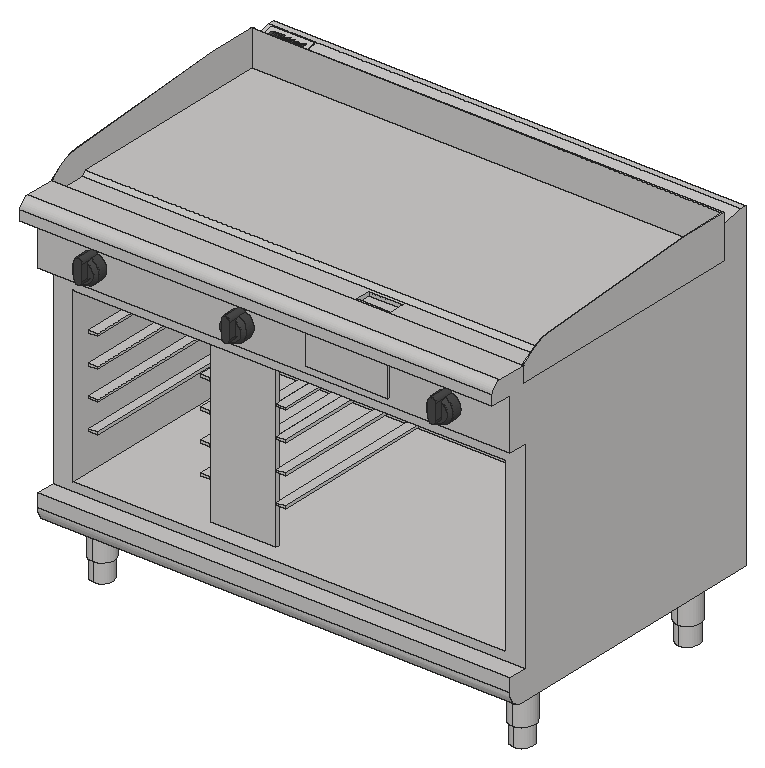
Revit family "QF_MOFFAT WALDORF_GPL8120E-CB", category Specialty Equipment, Revit 2012
Parameters
  Width [instance] = 1200.0 mm  # constant formula
  Weight in Pounds = 396.8316  # constant formula
  Watts = 16200 W
  Volts = 415 V
  URL Cutsheet = "www.moffat.com"
  URL = "www.moffat.com"
  Type Mark [instance] = ""
  Status [instance] = ""
  Specification by User [instance] = ""
  Specification by Manufacturer = ""
  Show Logo [instance] = yes
  Show Casters [instance] = no
  Serial Number = ""
  Seismic Rating = ""
  SMACNA No = ""
  Revision Code [instance] = ""
  Phase = 3
  Omniclass Number and Title = ""
  Number of Poles = 1
  NAFEM Spec ID Number = ""
  Model = "GPL8120E-CB"
  Min Ckt Ampacity = 0 A
  Max Overcurrent Protection = 0 A
  Masterspec = ""
  Manufacturer = "MOFFAT WALDORF"
  Legs [instance] = not(Show Casters)  # yes
  Item Number [instance] = ""
  Installed By [instance] = ""
  Identify Quantity as Lot [instance] = yes
  Height [instance] = 970.0 mm  # constant formula
  HP = ""
  Furnished By [instance] = ""
  Foodservice Equipment Identifier [instance] = yes
  FL Amps = 22.5 A
  Elec Conn RI Height = 0.0 mm
  Elec Conn Connection Height = 0.0 mm
  Description = "GRIDDLE PLATE LOW SPLASHBACK ELECTRIC ON CABINET BASE"
  Depth [instance] = 805.0 mm  # constant formula
  Cycle = 50 Hz
  Conn Plug = ""
  Conn Conduit = yes
  CSI MasterFormat = ""
  CSI Master Format = ""
  Base Height [instance] = 150.0 mm
  Apparent Power = if(Phase = 3, Volts * FL Amps * 1.73, Volts * FL Amps)  # 16153.9 VA
Reference planes
  plane 1 "BACK": y = 0
  plane 2: z = 0
  plane 3 "LEFT": x = 0
  plane 4 "RIGHT": x = 1200
  plane 5 "FRONT": y = -805
  plane 6 "TOP": z = 970
  plane 7 "Center Y": x = 600
  plane 8 "Center X": y = -402.5
  plane 9 "Base Height": z = 150
  plane 10: x = 65
  plane 11: x = 1134
  plane 12: z = 915
  plane 13: z = 710
Forms (mm)
  Extrusion 1, solid, material "QF_Finishes_Stainless Steel"
    sketch origin (0, 0, 0) x (0, 1, 0) y (0, 0, 1)
      loop
        line (-805, 891) -> (-805, 866) -> (-749, 866) -> (-749, 735) -> (-100, 735) -> (-100, 150) -> (0, 150) -> (0, 970) -> (-16.309, 970) -> (-62.586, 957.6)
        arc (-62.586, 957.6) -> (-68.508, 953.278) -> (-70, 946.1) r 10.198
        line (-70, 946.1) -> (-70, 875) -> (-705, 875) -> (-705, 915) -> (-781, 915)
        arc (-781, 915) -> (-797.971, 907.971) -> (-805, 891) r 24
      loop
        line (-699, 222.5) -> (-749, 222.5) -> (-749, 188)
        arc (-749, 188) -> (-737.87, 161.13) -> (-711, 150) r 38
        line (-711, 150) -> (-699, 150) -> (-699, 222.5)
    from 0 to 1200
  Revolve 2, solid, material "QF_Finishes_Black"
    sketch origin (150, 0, 599.873) x (0, 1, 0) y (0, 0, -1)
      loop
        line (-782, -229.5) -> (-759, -229.5) -> (-759, -202) -> (-749, -202) -> (-749, -197) -> (-793, -197) -> (-793, -223.651) -> (-782, -229.5)
      axis (-793, -197) -> (-749, -197)
    angle from 0 to 360
  Extrusion 3, solid, material "QF_Finishes_Black"
    sketch origin (288.27, 0, 600.031) x (-1, 0, 0) y (0, 0, -1)
      loop
        arc (148.269, -184.969) -> (138.269, -174.969) -> (128.269, -184.969) r 10
        line (128.269, -184.969) -> (128.269, -223.969)
        arc (128.269, -223.969) -> (138.269, -233.969) -> (148.269, -223.969) r 10
        line (148.269, -223.969) -> (148.269, -184.969)
    from 759 to 808
  Extrusion 4, solid, material "QF_Finishes_Stainless Steel"
    sketch origin (42.8, -749, 866) x (0, 0, -1) y (1, 0, 0)
      loop
        line (26.5, 640) -> (113.5, 640) -> (113.5, 850) -> (26.5, 850) -> (26.5, 640)
    from 0 to 2.5
  Extrusion 5, solid, material "QF_Finishes_Stainless Steel"
    sketch origin (42.8, -751.5, 866) x (0, 0, -1) y (1, 0, 0)
      loop
        line (33.5, 850) -> (26.5, 850) -> (26.5, 640) -> (33.5, 640) -> (33.5, 850)
    from 0 to 5
  Revolve 6, solid, material "QF_Finishes_Black"
    sketch origin (1050, 0, 599.873) x (0, 1, 0) y (0, 0, 1)
      loop
        line (-782, 229.5) -> (-793, 223.651) -> (-793, 197) -> (-749, 197) -> (-749, 202) -> (-759, 202) -> (-759, 229.5) -> (-782, 229.5)
      axis (-793, 197) -> (-749, 197)
    angle from 0 to 360
  Extrusion 7, solid, material "QF_Finishes_Black"
    sketch origin (911.73, 0, 600.031) x (1, 0, 0) y (0, 0, 1)
      loop
        line (148.269, 184.969) -> (148.269, 223.969)
        arc (148.269, 223.969) -> (138.269, 233.969) -> (128.269, 223.969) r 10
        line (128.269, 223.969) -> (128.269, 184.969)
        arc (128.269, 184.969) -> (138.269, 174.969) -> (148.269, 184.969) r 10
    from 759 to 808
  Revolve 8, solid, material "QF_Finishes_Black"
    sketch origin (525, 0, 599.873) x (0, 1, 0) y (0, 0, -1)
      loop
        line (-782, -229.5) -> (-759, -229.5) -> (-759, -202) -> (-749, -202) -> (-749, -197) -> (-793, -197) -> (-793, -223.651) -> (-782, -229.5)
      axis (-793, -197) -> (-749, -197)
    angle from 0 to 360
  Extrusion 9, solid, material "QF_Finishes_Black"
    sketch origin (663.27, 0, 600.031) x (-1, 0, 0) y (0, 0, -1)
      loop
        arc (148.269, -184.969) -> (138.269, -174.969) -> (128.269, -184.969) r 10
        line (128.269, -184.969) -> (128.269, -223.969)
        arc (128.269, -223.969) -> (138.269, -233.969) -> (148.269, -223.969) r 10
        line (148.269, -223.969) -> (148.269, -184.969)
    from 759 to 808
  Revolve 10, solid, material "QF_Finishes_Stainless Steel", visible <- "Legs"
    sketch origin (1133, -210, 0) x (0, 1, 0) y (0, 0, -1)
      loop
        line (78.25, -150) -> (110, -150) -> (110, 0) -> (82.5, 0) -> (82.5, -50) -> (78.25, -50) -> (78.25, -150)
      axis (110, -150) -> (110, 0)
    angle from 0 to 360
  Revolve 11, solid, material "QF_Finishes_Stainless Steel"
    sketch origin (1133, -735, 0) x (0, 1, 0) y (0, 0, -1)
      loop
        line (78.25, -150) -> (110, -150) -> (110, 0) -> (82.5, 0) -> (82.5, -50) -> (78.25, -50) -> (78.25, -150)
      axis (110, -150) -> (110, 0)
    angle from 0 to 360
  Revolve 12, solid, material "QF_Finishes_Stainless Steel", visible <- "Legs"
    sketch origin (65, -210, 0) x (0, 1, 0) y (0, 0, -1)
      loop
        line (78.25, -150) -> (110, -150) -> (110, 0) -> (82.5, 0) -> (82.5, -50) -> (78.25, -50) -> (78.25, -150)
      axis (110, -150) -> (110, 0)
    angle from 0 to 360
  Revolve 13, solid, material "QF_Finishes_Stainless Steel"
    sketch origin (65, -735, 0) x (0, 1, 0) y (0, 0, -1)
      loop
        line (78.25, -150) -> (110, -150) -> (110, 0) -> (82.5, 0) -> (82.5, -50) -> (78.25, -50) -> (78.25, -150)
      axis (110, -150) -> (110, 0)
    angle from 0 to 360
  Extrusion 14, solid, material "QF_Finishes_Stainless Steel"
    sketch origin (0, -100, 735) x (0, 0, 1) y (-1, 0, 0)
      loop
        line (0, 0) -> (-585, 0) -> (-585, -1200) -> (0, -1200) -> (0, 0)
      loop
        line (-55, -50) -> (-492.5, -50) -> (-492.5, -1150) -> (-55, -1150) -> (-55, -50)
    from 0 to 599
  Extrusion 15, solid, material "QF_Finishes_Stainless Steel"
    sketch origin (0, -100, 735) x (0, 0, 1) y (-1, 0, 0)
      loop
        line (-55, -528.5) -> (-55, -362.5) -> (-492.5, -362.5) -> (-492.5, -528.5) -> (-55, -528.5)
    from 543.302 to 553.302
  Extrusion 16, solid, material "QF_Finishes_Stainless Steel"
    sketch origin (0, -100, 735) x (0, 0, 1) y (-1, 0, 0)
      loop
        line (-246.25, -361.875) -> (-239.9, -361.875) -> (-239.9, -336.875) -> (-246.25, -336.875) -> (-246.25, -361.875)
      loop
        line (-321.25, -361.875) -> (-314.9, -361.875) -> (-314.9, -336.875) -> (-321.25, -336.875) -> (-321.25, -361.875)
      loop
        line (-321.25, -50) -> (-321.25, -75) -> (-314.9, -75) -> (-314.9, -50) -> (-321.25, -50)
      loop
        line (-239.9, -75) -> (-239.9, -50) -> (-246.25, -50) -> (-246.25, -75) -> (-239.9, -75)
      loop
        line (-396.25, -361.875) -> (-389.9, -361.875) -> (-389.9, -336.875) -> (-396.25, -336.875) -> (-396.25, -361.875)
      loop
        line (-396.25, -50) -> (-396.25, -75) -> (-389.9, -75) -> (-389.9, -50) -> (-396.25, -50)
      loop
        line (-171.25, -361.875) -> (-164.9, -361.875) -> (-164.9, -336.875) -> (-171.25, -336.875) -> (-171.25, -361.875)
      loop
        line (-164.9, -75) -> (-164.9, -50) -> (-171.25, -50) -> (-171.25, -75) -> (-164.9, -75)
      loop
        line (-246.25, -529.25) -> (-246.25, -554.25) -> (-239.9, -554.25) -> (-239.9, -529.25) -> (-246.25, -529.25)
      loop
        line (-321.25, -529.25) -> (-321.25, -554.25) -> (-314.9, -554.25) -> (-314.9, -529.25) -> (-321.25, -529.25)
      loop
        line (-321.25, -1148.91) -> (-314.9, -1148.91) -> (-314.9, -1123.91) -> (-321.25, -1123.91) -> (-321.25, -1148.91)
      loop
        line (-239.9, -1123.91) -> (-246.25, -1123.91) -> (-246.25, -1148.91) -> (-239.9, -1148.91) -> (-239.9, -1123.91)
      loop
        line (-396.25, -529.25) -> (-396.25, -554.25) -> (-389.9, -554.25) -> (-389.9, -529.25) -> (-396.25, -529.25)
      loop
        line (-396.25, -1148.91) -> (-389.9, -1148.91) -> (-389.9, -1123.91) -> (-396.25, -1123.91) -> (-396.25, -1148.91)
      loop
        line (-171.25, -529.25) -> (-171.25, -554.25) -> (-164.9, -554.25) -> (-164.9, -529.25) -> (-171.25, -529.25)
      loop
        line (-164.9, -1123.91) -> (-171.25, -1123.91) -> (-171.25, -1148.91) -> (-164.9, -1148.91) -> (-164.9, -1123.91)
    from 0 to 553.302
  Extrusion 17, void
    sketch origin (0, 0, 150) x (-1, 0, 0) y (0, -1, 0)
      loop
        line (-1130.622, 87.26) -> (-1130.622, -30.24) -> (-1001.122, -30.24) -> (-1001.122, 38.76) -> (-1049.622, 87.26) -> (-1130.622, 87.26)
    from 72.5 to 585
  Extrusion 18, solid, material "QF_Finishes_Stainless Steel"
    sketch origin (0, 0, 735) x (0, -1, 0) y (-1, 0, 0)
      loop
        circle (38.374, -1076.053) r 10
    from 0 to 25
Cuts and joins
  Extrusion 17 cuts Extrusion 1
  joined: Extrusion 1, Extrusion 14
Lines and regions (mm)
  Split face 1
    outline origin (1200, -16.309, 970) x (-1, 0, 0) y (0, -0.965926, -0.258819)
      loop
        line (1045.944, 4.552) -> (1045.944, 36.596) -> (1025.944, 36.596) -> (1025.944, 4.552) -> (1045.944, 4.552)
  Split face 2
    outline origin (1200, -16.309, 970) x (-1, 0, 0) y (0, -0.965926, -0.258819)
      loop
        line (995.459, 4.552) -> (995.459, 36.596) -> (975.926, 36.596) -> (975.926, 4.552) -> (995.459, 4.552)
  Split face 3
    outline origin (1200, -16.309, 970) x (-1, 0, 0) y (0, -0.965926, -0.258819)
      loop
        line (945.274, 4.552) -> (945.274, 36.596) -> (924.839, 36.596) -> (924.839, 4.552) -> (945.274, 4.552)
  Split face 4
    outline origin (1200, -16.309, 970) x (-1, 0, 0) y (0, -0.965926, -0.258819)
      loop
        line (895.69, 4.552) -> (895.69, 36.596) -> (875.556, 36.596) -> (875.556, 4.552) -> (895.69, 4.552)
  Split face 5
    outline origin (1200, -16.309, 970) x (-1, 0, 0) y (0, -0.965926, -0.258819)
      loop
        line (845.679, 4.552) -> (845.679, 36.596) -> (825.245, 36.596) -> (825.245, 4.552) -> (845.679, 4.552)
  Split face 6
    outline origin (1200, -16.309, 970) x (-1, 0, 0) y (0, -0.965926, -0.258819)
      loop
        line (795.795, 4.552) -> (795.795, 36.596) -> (775.36, 36.596) -> (775.36, 4.552) -> (795.795, 4.552)
  Split face 7
    outline origin (1200, -16.309, 970) x (-1, 0, 0) y (0, -0.965926, -0.258819)
      loop
        line (742.937, 4.552) -> (742.937, 36.596) -> (722.771, 36.596) -> (722.771, 4.552) -> (742.937, 4.552)
  Split face 8
    outline origin (1200, -16.309, 970) x (-1, 0, 0) y (0, -0.965926, -0.258819)
      loop
        line (692.924, 4.552) -> (692.924, 36.596) -> (672.281, 36.596) -> (672.281, 4.552) -> (692.924, 4.552)
  Split face 9
    outline origin (1200, -16.309, 970) x (-1, 0, 0) y (0, -0.965926, -0.258819)
      loop
        line (643.536, 4.552) -> (643.536, 36.596) -> (622.631, 36.596) -> (622.631, 4.552) -> (643.536, 4.552)
  Split face 10
    outline origin (1200, -16.309, 970) x (-1, 0, 0) y (0, -0.965926, -0.258819)
      loop
        line (593.364, 4.552) -> (593.364, 36.596) -> (572.198, 36.596) -> (572.198, 4.552) -> (593.364, 4.552)
  Split face 11
    outline origin (1200, -16.309, 970) x (-1, 0, 0) y (0, -0.965926, -0.258819)
      loop
        line (543.253, 4.552) -> (543.253, 36.596) -> (523.209, 36.596) -> (523.209, 4.552) -> (543.253, 4.552)
  Split face 12
    outline origin (1200, -16.309, 970) x (-1, 0, 0) y (0, -0.965926, -0.258819)
      loop
        line (492.937, 4.552) -> (492.937, 36.596) -> (472.266, 36.596) -> (472.266, 4.552) -> (492.937, 4.552)
  Split face 13
    outline origin (1200, -16.309, 970) x (-1, 0, 0) y (0, -0.965926, -0.258819)
      loop
        line (442.997, 4.552) -> (442.997, 36.596) -> (422.876, 36.596) -> (422.876, 4.552) -> (442.997, 4.552)
  Split face 14
    outline origin (1200, -16.309, 970) x (-1, 0, 0) y (0, -0.965926, -0.258819)
      loop
        line (392.146, 4.552) -> (392.146, 34.552) -> (372.146, 34.552) -> (372.146, 4.552) -> (392.146, 4.552)
  Split face 15
    outline origin (1200, -16.309, 970) x (-1, 0, 0) y (0, -0.965926, -0.258819)
      loop
        line (342.55, 4.552) -> (342.55, 36.596) -> (322.294, 36.596) -> (322.294, 4.552) -> (342.55, 4.552)
  symbolic lines, visible <- "Show Logo"
    curve 1: line (12.5, -54.151, 0) -> (12.5, -21.099, 0)
    curve 2: line (121.5, -21.099, 0) -> (121.5, -54.151, 0)
    curve 3: line (12.5, -21.099, 0) -> (121.5, -21.099, 0)
    curve 4: line (12.5, -54.151, 0) -> (121.5, -54.151, 0)
  symbolic lines
    curve 5: line (154.563, -50.782, 0) -> (154.563, -20.984, 0)
    curve 6: line (154.563, -20.984, 0) -> (174.562, -20.984, 0)
    curve 7: line (174.562, -20.984, 0) -> (174.562, -50.782, 0)
    curve 8: line (174.562, -50.782, 0) -> (154.563, -50.782, 0)
    curve 9: line (204.563, -20.984, 0) -> (204.563, -50.782, 0)
    curve 10: line (204.563, -50.782, 0) -> (224.562, -50.782, 0)
    curve 11: line (224.562, -50.782, 0) -> (224.562, -20.984, 0)
    curve 12: line (224.562, -20.984, 0) -> (204.563, -20.984, 0)
    curve 13: line (254.563, -20.984, 0) -> (254.563, -50.782, 0)
    curve 14: line (254.563, -50.782, 0) -> (274.562, -50.782, 0)
    curve 15: line (274.562, -50.782, 0) -> (274.562, -20.984, 0)
    curve 16: line (274.562, -20.984, 0) -> (254.563, -20.984, 0)
    curve 17: line (0, -805, 0) -> (1200, -805, 0)
    curve 18: line (0, 0, 0) -> (0, -805, 0)
    curve 19: line (1200, 0, 0) -> (0, 0, 0)
    curve 20: line (0, -70, 0) -> (1200, -70, 0)
    curve 21: line (1200, -705, 0) -> (0, -705, 0)
    curve 22: line (304.563, -20.984, 0) -> (304.563, -50.782, 0)
    curve 23: line (304.563, -50.782, 0) -> (324.562, -50.782, 0)
    curve 24: line (324.562, -50.782, 0) -> (324.562, -20.984, 0)
    curve 25: line (324.562, -20.984, 0) -> (304.563, -20.984, 0)
    curve 26: line (354.563, -20.984, 0) -> (354.563, -50.782, 0)
    curve 27: line (354.563, -50.782, 0) -> (374.562, -50.782, 0)
    curve 28: line (374.562, -50.782, 0) -> (374.562, -20.984, 0)
    curve 29: line (374.562, -20.984, 0) -> (354.563, -20.984, 0)
    curve 30: line (404.563, -20.984, 0) -> (404.563, -50.782, 0)
    curve 31: line (404.563, -50.782, 0) -> (424.562, -50.782, 0)
    curve 32: line (424.562, -50.782, 0) -> (424.562, -20.984, 0)
    curve 33: line (424.562, -20.984, 0) -> (404.563, -20.984, 0)
    curve 34: line (457.063, -20.984, 0) -> (457.063, -50.782, 0)
    curve 35: line (457.063, -50.782, 0) -> (477.063, -50.782, 0)
    curve 36: line (477.063, -50.782, 0) -> (477.063, -20.984, 0)
    curve 37: line (477.063, -20.984, 0) -> (457.063, -20.984, 0)
    curve 38: line (507.063, -20.984, 0) -> (507.063, -50.782, 0)
    curve 39: line (507.063, -50.782, 0) -> (527.063, -50.782, 0)
    curve 40: line (527.063, -50.782, 0) -> (527.063, -20.984, 0)
    curve 41: line (527.063, -20.984, 0) -> (507.063, -20.984, 0)
    curve 42: line (557.063, -50.782, 0) -> (577.063, -50.782, 0)
    curve 43: line (577.063, -50.782, 0) -> (577.063, -20.984, 0)
    curve 44: line (577.063, -20.984, 0) -> (557.063, -20.984, 0)
    curve 45: line (557.063, -20.984, 0) -> (557.063, -50.782, 0)
    curve 46: line (607.063, -50.782, 0) -> (627.063, -50.782, 0)
    curve 47: line (627.063, -50.782, 0) -> (627.063, -20.984, 0)
    curve 48: line (627.063, -20.984, 0) -> (607.063, -20.984, 0)
    curve 49: line (607.063, -20.984, 0) -> (607.063, -50.782, 0)
    curve 50: line (677.063, -50.782, 0) -> (657.063, -50.782, 0)
    curve 51: line (657.063, -50.782, 0) -> (657.063, -20.984, 0)
    curve 52: line (657.063, -20.984, 0) -> (677.063, -20.984, 0)
    curve 53: line (677.063, -20.984, 0) -> (677.063, -50.782, 0)
    curve 54: line (707.063, -50.782, 0) -> (727.063, -50.782, 0)
    curve 55: line (727.063, -50.782, 0) -> (727.063, -20.984, 0)
    curve 56: line (727.063, -20.984, 0) -> (707.063, -20.984, 0)
    curve 57: line (707.063, -20.984, 0) -> (707.063, -50.782, 0)
    curve 58: line (757.063, -50.782, 0) -> (777.063, -50.782, 0)
    curve 59: line (777.063, -50.782, 0) -> (777.063, -20.984, 0)
    curve 60: line (777.063, -20.984, 0) -> (757.063, -20.984, 0)
    curve 61: line (757.063, -20.984, 0) -> (757.063, -50.782, 0)
    curve 62: line (807.81, -50.782, 0) -> (827.81, -50.782, 0)
    curve 63: line (827.81, -50.782, 0) -> (827.81, -20.984, 0)
    curve 64: line (827.81, -20.984, 0) -> (807.81, -20.984, 0)
    curve 65: line (807.81, -20.984, 0) -> (807.81, -50.782, 0)
    curve 66: line (857.81, -50.782, 0) -> (877.81, -50.782, 0)
    curve 67: line (877.81, -50.782, 0) -> (877.81, -20.984, 0)
    curve 68: line (877.81, -20.984, 0) -> (857.81, -20.984, 0)
    curve 69: line (857.81, -20.984, 0) -> (857.81, -50.782, 0)
    curve 70: line (1200, -805, 0) -> (1200, 0, 0)
Dimensions and locks
  equal spacing: plane 3 "LEFT", plane 7 "Center Y", plane 4 "RIGHT"
  "Width": plane 3 "LEFT" to plane 4 "RIGHT"
  equal spacing: plane 5 "FRONT", plane 8 "Center X", plane 1 "BACK"
  "Depth": plane 5 "FRONT" to plane 1 "BACK"
  "Base Height": plane 9 "Base Height" to level
  plane 11 to plane 10 = 1069.0 mm
  "Height": plane 6 "TOP" to level
  level to plane 12 = 915.0 mm
  plane 12 to level = 915.0 mm
  plane 13 to level = 710.0 mm
  aligned and locked: level to plane 2
Automatic sketch dimensions
  curve 17 to plane 3 "LEFT" = 0.0 mm
  plane 1 "BACK" to curve 19 = 0.0 mm
  curve 19 to plane 4 "RIGHT" = 0.0 mm
  plane 5 "FRONT" to curve 17 = 0.0 mm
  plane 3 "LEFT" to curve 1 = 12.5 mm
  plane 10 to curve 4 = 56.5 mm
  curve 2 to curve 6 = 33.062 mm
  curve 5 to curve 8 = 20.0 mm
  curve 6 to curve 12 = 30.0 mm
  curve 9 to curve 10 = 20.0 mm
  curve 11 to curve 16 = 30.0 mm
  curve 13 to curve 15 = 20.0 mm
  curve 15 to curve 22 = 30.0 mm
  curve 22 to curve 24 = 20.0 mm
  curve 23 to curve 26 = 30.0 mm
  curve 26 to curve 27 = 20.0 mm
  curve 27 to curve 30 = 30.0 mm
  curve 30 to curve 32 = 20.0 mm
  curve 31 to curve 34 = 32.5 mm
  curve 34 to curve 35 = 20.0 mm
  curve 36 to curve 38 = 30.0 mm
  curve 38 to curve 41 = 20.0 mm
  curve 39 to curve 42 = 30.0 mm
  curve 44 to curve 43 = 20.0 mm
  plane 7 "Center Y" to curve 48 = 7.063 mm
  curve 46 to curve 46 = 20.0 mm
  curve 47 to curve 52 = 30.0 mm
  curve 51 to curve 53 = 20.0 mm
  curve 50 to curve 54 = 30.0 mm
  curve 56 to curve 56 = 20.0 mm
  curve 55 to curve 61 = 30.0 mm
  curve 58 to curve 58 = 20.0 mm
  curve 58 to curve 62 = 30.748 mm
  curve 62 to curve 62 = 20.0 mm
  curve 63 to curve 68 = 30.0 mm
  curve 66 to curve 66 = 20.0 mm
  curve 21 to plane 5 "FRONT" = 100.0 mm
  curve 20 to curve 19 = 70.0 mm
  plane 1 "BACK" to curve 2 = 54.151 mm
  plane 1 "BACK" to curve 7 = 50.782 mm
  plane 1 "BACK" to curve 59 = 50.782 mm
  curve 7 to curve 9 = 0.0 mm
  curve 57 to curve 58 = 0.0 mm
  curve 10 to curve 13 = 0.0 mm
  curve 53 to curve 54 = 0.0 mm
  curve 58 to curve 62 = 0.0 mm
  curve 62 to curve 66 = 0.0 mm
  curve 49 to curve 50 = 0.0 mm
  curve 14 to curve 22 = 0.0 mm
  curve 45 to curve 46 = 0.0 mm
  curve 23 to curve 26 = 0.0 mm
  curve 40 to curve 42 = 0.0 mm
  curve 27 to curve 30 = 0.0 mm
  curve 36 to curve 38 = 0.0 mm
  plane 1 "BACK" to curve 2 = 21.099 mm
  plane 1 "BACK" to curve 33 = 20.984 mm
  plane 1 "BACK" to curve 40 = 20.984 mm
  plane 1 "BACK" to curve 29 = 20.984 mm
  plane 1 "BACK" to curve 43 = 20.984 mm
  plane 1 "BACK" to curve 25 = 20.984 mm
  plane 1 "BACK" to curve 47 = 20.984 mm
  plane 1 "BACK" to curve 69 = 20.984 mm
  plane 1 "BACK" to curve 52 = 20.984 mm
  plane 1 "BACK" to curve 16 = 20.984 mm
  plane 1 "BACK" to curve 55 = 20.984 mm
  plane 1 "BACK" to curve 12 = 20.984 mm
  plane 1 "BACK" to curve 59 = 20.984 mm
  plane 1 "BACK" to curve 7 = 20.984 mm
  plane 1 "BACK" to curve 63 = 20.984 mm
  plane 1 "BACK" to curve 37 = 20.984 mm
  Revolve 2 sketch curve to plane 5 "FRONT" = 12.0 mm
  Revolve 2 sketch curve to Revolve 2 sketch curve = 0.0 mm  (x2)
  Revolve 2 sketch curve to Revolve 2 sketch curve = 11.0 mm
  Revolve 2 sketch curve to Revolve 2 sketch curve = 12.7 mm
  Revolve 2 sketch curve to Revolve 2 sketch curve = 23.0 mm
  Revolve 2 sketch curve to Revolve 2 sketch curve = 10.0 mm
  Revolve 2 sketch curve to Revolve 2 sketch curve = 5.849 mm
  Revolve 2 sketch curve to Revolve 2 sketch curve = 27.5 mm
  Revolve 2 sketch curve to Revolve 2 sketch curve = 5.0 mm
  plane 10 to Extrusion 3 sketch curve = 95.001 mm
  Extrusion 3 sketch curve to Extrusion 3 sketch curve = 10.0 mm
  Extrusion 3 sketch curve to Extrusion 3 sketch curve = 39.0 mm
  Extrusion 1 to Extrusion 4 sketch curve = 26.5 mm
  Extrusion 4 sketch curve to Extrusion 1 = 17.5 mm
  Extrusion 1 to Extrusion 4 sketch curve = 517.2 mm
  Extrusion 4 sketch curve to Extrusion 4 sketch curve = 210.0 mm
  Extrusion 5 sketch curve to Extrusion 4 = 0.0 mm  (x2)
  Extrusion 4 to Extrusion 5 sketch curve = 0.0 mm
  Extrusion 5 sketch curve to Extrusion 5 sketch curve = 7.0 mm
  Revolve 6 sketch curve to plane 5 "FRONT" = 12.0 mm
  Revolve 6 sketch curve to Revolve 6 sketch curve = 0.0 mm  (x2)
  Revolve 6 sketch curve to Revolve 6 sketch curve = 11.0 mm
  Revolve 6 sketch curve to Revolve 6 sketch curve = 12.7 mm
  Revolve 6 sketch curve to Revolve 6 sketch curve = 23.0 mm
  Revolve 6 sketch curve to Revolve 6 sketch curve = 10.0 mm
  Revolve 6 sketch curve to Revolve 6 sketch curve = 5.0 mm
  Revolve 6 sketch curve to Revolve 6 sketch curve = 26.651 mm
  Revolve 6 sketch curve to Revolve 6 sketch curve = 5.849 mm
  plane 11 to Extrusion 7 sketch curve = 94.001 mm
  Extrusion 7 sketch curve to Extrusion 7 sketch curve = 10.0 mm
  Extrusion 7 sketch curve to Extrusion 7 sketch curve = 39.0 mm
  Revolve 8 sketch curve to plane 5 "FRONT" = 12.0 mm
  Revolve 8 sketch curve to Revolve 8 sketch curve = 0.0 mm  (x2)
  Revolve 8 sketch curve to Revolve 8 sketch curve = 11.0 mm
  Revolve 8 sketch curve to Revolve 8 sketch curve = 12.7 mm
  Revolve 8 sketch curve to Revolve 8 sketch curve = 23.0 mm
  Revolve 8 sketch curve to Revolve 8 sketch curve = 10.0 mm
  Revolve 8 sketch curve to Revolve 8 sketch curve = 5.849 mm
  Revolve 8 sketch curve to Revolve 8 sketch curve = 27.5 mm
  Revolve 8 sketch curve to Revolve 8 sketch curve = 5.0 mm
  Extrusion 9 sketch curve to plane 7 "Center Y" = 64.999 mm
  Extrusion 9 sketch curve to Extrusion 9 sketch curve = 10.0 mm
  Extrusion 9 sketch curve to Extrusion 9 sketch curve = 39.0 mm
  Revolve 10 sketch curve to plane 9 "Base Height" = 0.0 mm
  Revolve 10 sketch curve to level = 0.0 mm
  level to Revolve 10 sketch curve = 50.0 mm
  plane 1 "BACK" to Revolve 10 sketch curve = 131.75 mm
  Revolve 10 sketch curve to Revolve 10 sketch curve = 4.25 mm
  Revolve 10 sketch curve to Revolve 10 sketch curve = 27.5 mm  (x2)
  Revolve 10 sketch curve to Revolve 10 sketch curve = 0.0 mm
  Revolve 10 sketch curve to Revolve 10 sketch curve = 55.0 mm
  Revolve 11 sketch curve to plane 9 "Base Height" = 0.0 mm
  Revolve 11 sketch curve to level = 0.0 mm
  level to Revolve 11 sketch curve = 50.0 mm
  Revolve 11 sketch curve to plane 5 "FRONT" = 148.25 mm
  Revolve 11 sketch curve to Revolve 11 sketch curve = 4.25 mm
  Revolve 11 sketch curve to Revolve 11 sketch curve = 27.5 mm  (x2)
  Revolve 11 sketch curve to Revolve 11 sketch curve = 0.0 mm
  Revolve 11 sketch curve to Revolve 11 sketch curve = 55.0 mm
  Revolve 12 sketch curve to plane 9 "Base Height" = 0.0 mm
  Revolve 12 sketch curve to level = 0.0 mm
  level to Revolve 12 sketch curve = 50.0 mm
  plane 1 "BACK" to Revolve 12 sketch curve = 131.75 mm
  Revolve 12 sketch curve to Revolve 12 sketch curve = 4.25 mm
  Revolve 12 sketch curve to Revolve 12 sketch curve = 27.5 mm  (x2)
  Revolve 12 sketch curve to Revolve 12 sketch curve = 0.0 mm
  Revolve 12 sketch curve to Revolve 12 sketch curve = 55.0 mm
  Revolve 13 sketch curve to plane 9 "Base Height" = 0.0 mm
  Revolve 13 sketch curve to level = 0.0 mm
  level to Revolve 13 sketch curve = 50.0 mm
  Revolve 13 sketch curve to plane 5 "FRONT" = 148.25 mm
  Revolve 13 sketch curve to Revolve 13 sketch curve = 4.25 mm
  Revolve 13 sketch curve to Revolve 13 sketch curve = 27.5 mm  (x2)
  Revolve 13 sketch curve to Revolve 13 sketch curve = 0.0 mm
  Revolve 13 sketch curve to Revolve 13 sketch curve = 55.0 mm
  Revolve 2 sketch curve to plane 6 "TOP" = 140.627 mm
  Extrusion 3 sketch curve to plane 6 "TOP" = 146.0 mm
  Revolve 8 sketch curve to plane 6 "TOP" = 140.627 mm
  Extrusion 9 sketch curve to plane 6 "TOP" = 146.0 mm
  plane 12 to Revolve 6 sketch curve = 118.127 mm
  plane 12 to Extrusion 7 sketch curve = 130.0 mm
  Extrusion 1 to Extrusion 14 sketch curve = 0.0 mm
  Extrusion 14 sketch curve to Extrusion 1 = 0.0 mm  (x3)
  Extrusion 14 sketch curve to Extrusion 1 = 92.5 mm
  Extrusion 1 to Extrusion 14 sketch curve = 55.0 mm
  Extrusion 1 to Extrusion 14 sketch curve = 50.0 mm  (x2)
  Extrusion 1 to Extrusion 16 sketch curve = 75.0 mm  (x2)
  Extrusion 16 sketch curve to Extrusion 1 = 188.75 mm  (x3)
  Extrusion 16 sketch curve to Extrusion 16 sketch curve = 0.0 mm  (x9)
  Extrusion 1 to Extrusion 16 sketch curve = 51.09 mm  (x4)
  Extrusion 16 sketch curve to Extrusion 16 sketch curve = 6.35 mm  (x16)
  Extrusion 16 sketch curve to Extrusion 16 sketch curve = 68.65 mm  (x12)
  Extrusion 16 sketch curve to Extrusion 16 sketch curve = 25.0 mm  (x16)
  Extrusion 16 sketch curve to Extrusion 16 sketch curve = 479.25 mm
  Extrusion 16 sketch curve to Extrusion 16 sketch curve = 167.375 mm
  Extrusion 15 sketch curve to Extrusion 1 = 92.5 mm
  Extrusion 1 to Extrusion 15 sketch curve = 55.0 mm
  Extrusion 1 to Extrusion 15 sketch curve = 528.5 mm
  Extrusion 15 sketch curve to Extrusion 15 sketch curve = 166.0 mm
  plane 11 to Extrusion 17 sketch curve = 3.378 mm
  Extrusion 17 sketch curve to Extrusion 17 sketch curve = 81.0 mm
  Extrusion 17 sketch curve to Extrusion 17 sketch curve = 48.5 mm  (x2)
  Extrusion 17 sketch curve to plane 1 "BACK" = 30.24 mm
  plane 1 "BACK" to Extrusion 17 sketch curve = 38.76 mm
  Extrusion 17 to Extrusion 18 sketch curve = 48.886 mm
  Extrusion 17 to Extrusion 18 sketch curve = 54.57 mm
  Extrusion 1 sketch curve to plane 5 "FRONT" = 0.0 mm
  plane 12 to Extrusion 1 sketch curve = 0.0 mm
  Extrusion 1 sketch curve to plane 9 "Base Height" = 0.0 mm  (x2)
  Extrusion 1 sketch curve to plane 6 "TOP" = 0.0 mm
  Extrusion 1 sketch curve to plane 1 "BACK" = 0.0 mm
  Extrusion 1 sketch curve to plane 5 "FRONT" = 24.0 mm
  plane 13 to Extrusion 1 sketch curve = 25.0 mm
  Extrusion 1 sketch curve to plane 5 "FRONT" = 56.0 mm  (x2)
  Extrusion 1 sketch curve to Extrusion 1 sketch curve = 38.0 mm
  Extrusion 1 sketch curve to Extrusion 1 sketch curve = 44.0 mm
  Extrusion 1 sketch curve to Extrusion 1 sketch curve = 12.0 mm
  plane 1 "BACK" to Extrusion 1 sketch curve = 100.0 mm
  plane 1 "BACK" to Extrusion 1 sketch curve = 70.0 mm
  Extrusion 1 sketch curve to Extrusion 1 sketch curve = 10.063 mm
  plane 1 "BACK" to Extrusion 1 sketch curve = 16.309 mm
  Extrusion 1 sketch curve to Extrusion 1 sketch curve = 34.5 mm
  Extrusion 1 sketch curve to Extrusion 1 sketch curve = 25.0 mm
  Extrusion 1 sketch curve to Extrusion 1 sketch curve = 40.0 mm
  Extrusion 1 sketch curve to Extrusion 1 sketch curve = 11.5 mm
  Extrusion 1 sketch curve to Extrusion 1 sketch curve = 2.65 mm
  Extrusion 1 sketch curve to plane 6 "TOP" = 23.9 mm
  cut or joined group of Extrusion 1, Extrusion 14, Extrusion 17 to Split face 1 sketch curve = 4.552 mm
  Split face 1 sketch curve to cut or joined group of Extrusion 1, Extrusion 14, Extrusion 17 = 174.056 mm
  Split face 1 sketch curve to Split face 1 sketch curve = 20.0 mm
  cut or joined group of Extrusion 1, Extrusion 14, Extrusion 17 to Split face 1 sketch curve = 11.314 mm
  cut or joined group of Extrusion 1, Extrusion 14, Extrusion 17 to Split face 2 sketch curve = 4.552 mm
  Split face 2 sketch curve to cut or joined group of Extrusion 1, Extrusion 14, Extrusion 17 = 224.074 mm
  Split face 2 sketch curve to Split face 2 sketch curve = 19.533 mm
  cut or joined group of Extrusion 1, Extrusion 14, Extrusion 17 to Split face 2 sketch curve = 11.314 mm
  cut or joined group of Extrusion 1, Extrusion 14, Extrusion 17 to Split face 3 sketch curve = 4.552 mm
  Split face 3 sketch curve to cut or joined group of Extrusion 1, Extrusion 14, Extrusion 17 = 275.161 mm
  Split face 3 sketch curve to Split face 3 sketch curve = 20.435 mm
  cut or joined group of Extrusion 1, Extrusion 14, Extrusion 17 to Split face 3 sketch curve = 11.314 mm
  cut or joined group of Extrusion 1, Extrusion 14, Extrusion 17 to Split face 4 sketch curve = 4.552 mm
  Split face 4 sketch curve to cut or joined group of Extrusion 1, Extrusion 14, Extrusion 17 = 324.444 mm
  Split face 4 sketch curve to Split face 4 sketch curve = 20.134 mm
  cut or joined group of Extrusion 1, Extrusion 14, Extrusion 17 to Split face 4 sketch curve = 11.314 mm
  cut or joined group of Extrusion 1, Extrusion 14, Extrusion 17 to Split face 5 sketch curve = 4.552 mm
  Split face 5 sketch curve to cut or joined group of Extrusion 1, Extrusion 14, Extrusion 17 = 374.755 mm
  Split face 5 sketch curve to Split face 5 sketch curve = 20.435 mm
  cut or joined group of Extrusion 1, Extrusion 14, Extrusion 17 to Split face 5 sketch curve = 11.314 mm
  cut or joined group of Extrusion 1, Extrusion 14, Extrusion 17 to Split face 6 sketch curve = 4.552 mm
  Split face 6 sketch curve to cut or joined group of Extrusion 1, Extrusion 14, Extrusion 17 = 424.64 mm
  Split face 6 sketch curve to Split face 6 sketch curve = 20.435 mm
  cut or joined group of Extrusion 1, Extrusion 14, Extrusion 17 to Split face 6 sketch curve = 11.314 mm
  cut or joined group of Extrusion 1, Extrusion 14, Extrusion 17 to Split face 7 sketch curve = 4.552 mm
  Split face 7 sketch curve to cut or joined group of Extrusion 1, Extrusion 14, Extrusion 17 = 477.229 mm
  Split face 7 sketch curve to Split face 7 sketch curve = 20.166 mm
  cut or joined group of Extrusion 1, Extrusion 14, Extrusion 17 to Split face 7 sketch curve = 11.314 mm
  cut or joined group of Extrusion 1, Extrusion 14, Extrusion 17 to Split face 8 sketch curve = 4.552 mm
  Split face 8 sketch curve to cut or joined group of Extrusion 1, Extrusion 14, Extrusion 17 = 527.719 mm
  Split face 8 sketch curve to Split face 8 sketch curve = 20.644 mm
  cut or joined group of Extrusion 1, Extrusion 14, Extrusion 17 to Split face 8 sketch curve = 11.314 mm
  cut or joined group of Extrusion 1, Extrusion 14, Extrusion 17 to Split face 9 sketch curve = 4.552 mm
  Split face 9 sketch curve to cut or joined group of Extrusion 1, Extrusion 14, Extrusion 17 = 577.369 mm
  Split face 9 sketch curve to Split face 9 sketch curve = 20.905 mm
  cut or joined group of Extrusion 1, Extrusion 14, Extrusion 17 to Split face 9 sketch curve = 11.314 mm
  cut or joined group of Extrusion 1, Extrusion 14, Extrusion 17 to Split face 10 sketch curve = 4.552 mm
  Split face 10 sketch curve to cut or joined group of Extrusion 1, Extrusion 14, Extrusion 17 = 572.198 mm
  Split face 10 sketch curve to Split face 10 sketch curve = 21.166 mm
  cut or joined group of Extrusion 1, Extrusion 14, Extrusion 17 to Split face 10 sketch curve = 11.314 mm
  cut or joined group of Extrusion 1, Extrusion 14, Extrusion 17 to Split face 11 sketch curve = 4.552 mm
  Split face 11 sketch curve to cut or joined group of Extrusion 1, Extrusion 14, Extrusion 17 = 523.209 mm
  Split face 11 sketch curve to Split face 11 sketch curve = 20.044 mm
  cut or joined group of Extrusion 1, Extrusion 14, Extrusion 17 to Split face 11 sketch curve = 11.314 mm
  cut or joined group of Extrusion 1, Extrusion 14, Extrusion 17 to Split face 12 sketch curve = 4.552 mm
  Split face 12 sketch curve to cut or joined group of Extrusion 1, Extrusion 14, Extrusion 17 = 472.266 mm
  Split face 12 sketch curve to Split face 12 sketch curve = 20.671 mm
  cut or joined group of Extrusion 1, Extrusion 14, Extrusion 17 to Split face 12 sketch curve = 11.314 mm
  cut or joined group of Extrusion 1, Extrusion 14, Extrusion 17 to Split face 13 sketch curve = 4.552 mm
  Split face 13 sketch curve to cut or joined group of Extrusion 1, Extrusion 14, Extrusion 17 = 422.876 mm
  Split face 13 sketch curve to Split face 13 sketch curve = 20.121 mm
  cut or joined group of Extrusion 1, Extrusion 14, Extrusion 17 to Split face 13 sketch curve = 11.314 mm
  cut or joined group of Extrusion 1, Extrusion 14, Extrusion 17 to Split face 14 sketch curve = 4.552 mm
  Split face 14 sketch curve to cut or joined group of Extrusion 1, Extrusion 14, Extrusion 17 = 372.146 mm
  Split face 14 sketch curve to Split face 14 sketch curve = 20.0 mm
  cut or joined group of Extrusion 1, Extrusion 14, Extrusion 17 to Split face 14 sketch curve = 13.358 mm
  cut or joined group of Extrusion 1, Extrusion 14, Extrusion 17 to Split face 15 sketch curve = 4.552 mm
  Split face 15 sketch curve to cut or joined group of Extrusion 1, Extrusion 14, Extrusion 17 = 322.294 mm
  Split face 15 sketch curve to Split face 15 sketch curve = 20.256 mm
  cut or joined group of Extrusion 1, Extrusion 14, Extrusion 17 to Split face 15 sketch curve = 11.314 mm
  radius of Extrusion 18 sketch curve = 10.0 mm
Nested families
  nested 1: "GAS GRIDDLE PLATE" at (0, -70, 874.5), type "GAS GRIDDLE PLATE"
    with Type Mark "", Status "", Specification by User "", Show Clearance yes, Revision Code "", Item Number "", Installed By "", Identify Quantity as Lot yes, Furnished By "", Foodservice Equipment Identifier yes
  nested 2: "GPL8120E-CB-CASTERS" at (65, -127.5, 0), Show Casters <- "Show Casters", visible <- "Show Casters", type "GPL8120E-CB-CASTERS"
    with Type Mark "", Status "", Specification by User "", Show Casters no, Revision Code "", Item Number "", Installed By "", Identify Quantity as Lot yes, Furnished By "", Foodservice Equipment Identifier yes
  nested 3: "GPL8120E-CB-CASTERS" at (1134, -127.5, 0), Show Casters <- "Show Casters", visible <- "Show Casters", type "GPL8120E-CB-CASTERS"
    with Type Mark "", Status "", Specification by User "", Show Casters no, Revision Code "", Item Number "", Installed By "", Identify Quantity as Lot yes, Furnished By "", Foodservice Equipment Identifier yes
  nested 4: "WALDORF LOGO_FACE BASE" at (12.5, -21.655, 968.567) x (1, 0, 0) z (0, -0.2588, 0.9659), visible <- "Show Logo", type "WALDORF LOGO_FACE BASE", detail levels medium+fine
    with Show Logo yes
Connectors
  electrical at (1076.053, -38.374, 710), driven by "Volts", driven by "Watts"
    settings: on Extrusion 18, index 1, voltage 415 V, apparent load 16200 VA, apparent load phase1 0 VA, apparent load phase2 0 VA, apparent load phase3 0 VA, power factor 1, load classification "Other", number of poles 1, system type 30, power factor state 1, is connector primary yes, connector utility no, sub classification motor no, connector description "ELECTRICAL CONNECTION"
Definition of nested family "GAS GRIDDLE PLATE"
  Parameters (values of type "GAS GRIDDLE PLATE")
    Weight in Pounds = 0
    URL Cutsheet = ""
    Type Mark [instance] = ""
    Status [instance] = ""
    Specification by User [instance] = ""
    Specification by Manufacturer = ""
    Show Clearance [instance] = yes
    Serial Number = ""
    Seismic Rating = ""
    SMACNA No = ""
    Revision Code [instance] = ""
    Omniclass Number and Title = ""
    NAFEM Spec ID Number = ""
    Masterspec = ""
    Item Number [instance] = ""
    Installed By [instance] = ""
    Identify Quantity as Lot [instance] = yes
    Furnished By [instance] = ""
    Foodservice Equipment Identifier [instance] = yes
    CSI MasterFormat = ""
    CSI Master Format = ""
  Reference planes
    plane 1 "BACK": y = 0
    plane 2: z = 0
    plane 3 "LEFT": x = 0
    plane 4 "RIGHT": x = 1200
    plane 5 "FRONT": y = -634.4
    plane 6 "TOP": z = 142.5
    plane 7 "Center Y": x = 600
    plane 8 "Center X": y = -317.2
  Forms (mm)
    Extrusion 1, solid, material "QF_Finishes_Stainless Steel"
      sketch origin (0, 70.003, -874.5) x (0, 1, 0) y (0, 0, 1)
        loop
          line (-70, 875) -> (-70, 984.5) -> (-191.003, 984.5) -> (-626.368, 954.056)
          arc (-626.368, 954.056) -> (-652.773, 948.564) -> (-676.75, 936.215) r 100
          line (-676.75, 936.215) -> (-704.403, 916.852) -> (-704.403, 875) -> (-70, 875)
      from 0 to 1.8
    Extrusion 2, solid, material "QF_Finishes_Stainless Steel"
      sketch origin (150, 70.003, -874.5) x (0, 1, 0) y (0, 0, 1)
        loop
          line (-70, 895) -> (-601, 895) -> (-611.5, 884.5) -> (-704.403, 884.5) -> (-704.403, 875) -> (-70, 875) -> (-70, 895)
      from -148.2 to 1048.2
    Extrusion 3, void
      sketch origin (81.15, -541.497, 10) x (0, -1, 0) y (1, 0, 0)
        loop
          line (10, 744.05) -> (10, 658.55) -> (48.5, 658.55) -> (48.5, 744.05) -> (10, 744.05)
      from -41.4 to 40.142
    Extrusion 4, solid, material "QF_Finishes_Stainless Steel"
      sketch origin (150, 0.003, 211.574) x (0, 0, -1) y (1, 0, 0)
        loop
          line (101.574, -148.2) -> (191.074, -148.2) -> (191.074, 1048.2) -> (101.574, 1048.2) -> (101.574, -148.2)
      from 0 to 1.683
    Extrusion 5, solid, material "QF_Finishes_Stainless Steel"
      sketch origin (1200, 70.003, -874.5) x (0, 1, 0) y (0, 0, -1)
        loop
          line (-70, -875) -> (-704.403, -875) -> (-704.403, -916.852) -> (-676.75, -936.215)
          arc (-676.75, -936.215) -> (-652.773, -948.564) -> (-626.368, -954.056) r 100
          line (-626.368, -954.056) -> (-191.003, -984.5) -> (-70, -984.5) -> (-70, -875)
      from 0 to 1.8
  Cuts and joins
    Extrusion 3 cuts Extrusion 2
  Lines and regions (mm)
    symbolic lines
      curve 1: line (1198.8, -530.997, 0) -> (1.8, -530.997, 0)
      curve 2: line (1.8, -541.497, 0) -> (1198.8, -541.497, 0)
      curve 3: line (739.7, -551.497, 0) -> (739.7, -589.997, 0)
      curve 4: line (739.7, -589.997, 0) -> (825.2, -589.997, 0)
      curve 5: line (825.2, -589.997, 0) -> (825.2, -551.497, 0)
      curve 6: line (825.2, -551.497, 0) -> (739.7, -551.497, 0)
      curve 7: line (1.8, -1.68, 0) -> (1198.8, -1.68, 0)
      curve 8: line (1198.8, -1.68, 0) -> (1198.8, -634.4, 0)
      curve 9: line (1.8, -634.4, 0) -> (1.8, -1.68, 0)
      curve 10: line (1.8, -634.4, 0) -> (1198.8, -634.4, 0)
  Dimensions and locks
    equal spacing: plane 3 "LEFT", plane 7 "Center Y", plane 4 "RIGHT"
    plane 3 "LEFT" to plane 4 "RIGHT" = 1200.0 mm
    equal spacing: plane 5 "FRONT", plane 8 "Center X", plane 1 "BACK"
    plane 5 "FRONT" to plane 1 "BACK" = 634.4 mm
    aligned and locked: level to plane 2
  Automatic sketch dimensions
    plane 5 "FRONT" to curve 10 = 0.0 mm
    plane 3 "LEFT" to curve 10 = 1.8 mm
    curve 4 to plane 5 "FRONT" = 44.403 mm
    plane 7 "Center Y" to curve 4 = 139.7 mm
    curve 3 to curve 5 = 85.5 mm
    plane 4 "RIGHT" to curve 8 = 1.2 mm
    curve 3 to curve 3 = 38.5 mm
    curve 2 to plane 5 "FRONT" = 92.903 mm
    curve 2 to curve 1 = 10.5 mm
    plane 1 "BACK" to curve 9 = 1.68 mm
    Extrusion 1 sketch curve to plane 5 "FRONT" = 0.0 mm
    Extrusion 1 sketch curve to plane 5 "FRONT" = 27.653 mm
    Extrusion 1 sketch curve to Extrusion 1 sketch curve = 50.382 mm
    Extrusion 1 sketch curve to level = 20.2 mm
    Extrusion 1 sketch curve to plane 5 "FRONT" = 85.011 mm
    Extrusion 1 sketch curve to plane 6 "TOP" = 32.5 mm
    plane 1 "BACK" to Extrusion 1 sketch curve = 121.0 mm
    Extrusion 1 sketch curve to plane 1 "BACK" = 0.003 mm
    level to Extrusion 1 sketch curve = 0.5 mm
    Extrusion 1 sketch curve to Extrusion 1 sketch curve = 41.852 mm
    Extrusion 1 sketch curve to Extrusion 1 sketch curve = 19.363 mm
    Extrusion 2 sketch curve to plane 5 "FRONT" = 0.0 mm
    level to Extrusion 2 sketch curve = 10.0 mm
    Extrusion 2 sketch curve to Extrusion 2 sketch curve = 92.903 mm
    Extrusion 2 sketch curve to Extrusion 2 sketch curve = 10.5 mm  (x2)
    Extrusion 2 sketch curve to plane 1 "BACK" = 0.003 mm
    level to Extrusion 2 sketch curve = 0.5 mm
    Extrusion 2 to Extrusion 3 sketch curve = 10.0 mm
    Extrusion 3 sketch curve to Extrusion 3 sketch curve = 38.5 mm
    Extrusion 2 to Extrusion 3 sketch curve = 737.9 mm
    Extrusion 3 sketch curve to Extrusion 3 sketch curve = 85.5 mm
    Extrusion 4 sketch curve to plane 6 "TOP" = 32.5 mm
    level to Extrusion 4 sketch curve = 20.5 mm
    plane 3 "LEFT" to Extrusion 4 sketch curve = 1.8 mm
    plane 4 "RIGHT" to Extrusion 4 sketch curve = 1.8 mm
    Extrusion 5 sketch curve to plane 5 "FRONT" = 0.0 mm
    Extrusion 5 sketch curve to plane 5 "FRONT" = 27.653 mm
    Extrusion 5 sketch curve to Extrusion 5 sketch curve = 50.382 mm
    Extrusion 5 sketch curve to level = 20.2 mm
    Extrusion 5 sketch curve to plane 5 "FRONT" = 85.011 mm
    Extrusion 5 sketch curve to plane 6 "TOP" = 32.5 mm
    plane 1 "BACK" to Extrusion 5 sketch curve = 121.0 mm
    Extrusion 5 sketch curve to plane 1 "BACK" = 0.003 mm
    Extrusion 5 sketch curve to plane 6 "TOP" = 62.944 mm
    Extrusion 5 sketch curve to Extrusion 5 sketch curve = 19.363 mm
    level to Extrusion 5 sketch curve = 0.5 mm
Definition of nested family "WALDORF LOGO_FACE BASE"
  Parameters (values of type "WALDORF LOGO_FACE BASE")
    Show Logo [instance] = yes
    Default Elevation = 1219.2 mm
  Reference planes
    plane 1 "Center (Front/Back)": y = 0
    plane 2: z = 0
    plane 3 "Center (Left/Right)": x = 0
  Forms (mm)
    Extrusion 1, solid
      sketch origin (0, 0, 0) x (1, 0, 0) y (0, 1, 0)
        loop
          line (-1219.2, 1219.2) -> (-1219.2, -1219.2) -> (1219.2, -1219.2) -> (1219.2, 1219.2) -> (-1219.2, 1219.2)
      from 0 to -304.8
    Extrusion 2, solid, material "QF_Finishes_Stainless Steel", visible <- "Show Logo"
      sketch origin (0, -33.217, 0) x (1, 0, 0) y (0, 1, 0)
        loop
          arc (5, 34.14) -> (1.464, 32.676) -> (0, 29.14) r 5
          line (0, 29.14) -> (0, 5)
          arc (0, 5) -> (1.464, 1.464) -> (5, 0) r 5
          line (5, 0) -> (104, 0)
          arc (104, 0) -> (107.536, 1.464) -> (109, 5) r 5
          line (109, 5) -> (109, 29.14)
          arc (109, 29.14) -> (107.536, 32.676) -> (104, 34.14) r 5
          line (104, 34.14) -> (5, 34.14)
      from 0 to 1.588
    Extrusion 3, solid, material "QF_Finishes_Black", visible <- "Show Logo"
      sketch origin (0, -33.217, 1.588) x (1, 0, 0) y (0, 1, 0)
        loop
          line (24.772, 23.214) -> (27.992, 10.301) -> (31.551, 10.301) -> (33.443, 17.364) -> (35.205, 10.301) -> (39.332, 10.301) -> (42.077, 23.214) -> (38.352, 23.214) -> (36.676, 15.33) -> (35, 23.214) -> (31.752, 23.214) -> (30.076, 15.33) -> (28.4, 23.214) -> (24.772, 23.214)
        loop
          line (42.272, 17.055) -> (45.703, 17.055)
          spline (45.703, 17.055) -> (45.741, 17.285) -> (45.852, 17.499) -> (46.028, 17.682) -> (46.258, 17.823) -> (46.526, 17.912) -> (46.813, 17.942) -> (47.1, 17.912) -> (47.368, 17.823) -> (47.597, 17.682) -> (47.774, 17.499) -> (47.884, 17.285) -> (47.922, 17.055)
          line (47.922, 17.055) -> (47.922, 16.222)
          arc (47.922, 16.222) -> (45.742, 16.014) -> (43.665, 15.317) r 9.604
          arc (43.665, 15.317) -> (41.924, 12.809) -> (43.665, 10.301) r 2.677
          arc (43.665, 10.301) -> (45.527, 10.353) -> (47.332, 10.816) r 8.365
          line (47.332, 10.816) -> (48.092, 11.105) -> (48.092, 10.301) -> (51.817, 10.301) -> (51.817, 17.055)
          spline (51.817, 17.055) -> (51.654, 17.821) -> (51.178, 18.535) -> (50.419, 19.148) -> (49.431, 19.619) -> (48.28, 19.914) -> (47.044, 20.015) -> (45.809, 19.914) -> (44.658, 19.619) -> (43.67, 19.148) -> (42.911, 18.535) -> (42.434, 17.821) -> (42.272, 17.055)
        loop
          line (53.151, 23.214) -> (53.151, 10.301) -> (57.37, 10.301) -> (57.37, 23.214) -> (53.151, 23.214)
        loop
          line (64.874, 23.214) -> (64.874, 18.857)
          arc (64.874, 18.857) -> (58.083, 15.11) -> (64.874, 11.363) r 4.429
          line (64.874, 11.363) -> (64.874, 10.301) -> (68.378, 10.301) -> (68.378, 23.214) -> (64.874, 23.214)
        loop
          arc (64.874, 16.083) -> (61.41, 14.987) -> (64.874, 13.891) r 1.905
          line (64.874, 13.891) -> (64.874, 16.083)
        loop
          circle (74.623, 15.223) r 5
        loop
          spline (74.623, 17.856) -> (74.355, 17.766) -> (74.105, 17.503) -> (73.891, 17.084) -> (73.726, 16.539) -> (73.623, 15.904) -> (73.588, 15.223) -> (73.623, 14.541) -> (73.726, 13.906) -> (73.891, 13.361) -> (74.105, 12.942) -> (74.355, 12.679) -> (74.623, 12.59)
          spline (74.623, 12.59) -> (74.891, 12.679) -> (75.141, 12.942) -> (75.355, 13.361) -> (75.52, 13.906) -> (75.623, 14.541) -> (75.659, 15.223) -> (75.623, 15.904) -> (75.52, 16.539) -> (75.355, 17.084) -> (75.141, 17.503) -> (74.891, 17.766) -> (74.623, 17.856)
        loop
          line (81.255, 19.813) -> (81.255, 10.301) -> (84.834, 10.301) -> (84.834, 14.176)
          arc (84.834, 14.176) -> (85.854, 16.093) -> (88.013, 16.32) r 2.313
          line (88.013, 16.32) -> (88.013, 19.813) -> (87.161, 19.813)
          arc (87.161, 19.813) -> (85.526, 19.266) -> (84.549, 17.844) r 2.717
          line (84.549, 17.844) -> (84.549, 19.813) -> (81.255, 19.813)
        loop
          line (90.249, 19.813) -> (88.91, 19.813) -> (88.91, 17.614) -> (90.249, 17.614) -> (90.249, 10.301) -> (93.998, 10.301) -> (93.998, 17.614) -> (95.418, 17.614) -> (95.418, 19.813) -> (93.998, 19.813)
          arc (93.998, 19.813) -> (94.414, 20.817) -> (95.418, 21.233) r 1.42
          line (95.418, 21.233) -> (95.418, 23.602) -> (93.317, 23.602)
          arc (93.317, 23.602) -> (91.343, 22.903) -> (90.249, 21.118) r 3.137
          line (90.249, 21.118) -> (90.249, 19.813)
        loop
          arc (15.241, 23.571) -> (8.392, 16.525) -> (15.241, 9.479) r 7.049
          line (15.241, 9.479) -> (15.241, 23.571)
        loop
          line (15.641, 23.571) -> (15.641, 9.479)
          arc (15.641, 9.479) -> (22.49, 16.525) -> (15.641, 23.571) r 7.049
        loop
          arc (47.922, 14.711) -> (46.266, 13.749) -> (47.922, 12.787) r 1.107
          line (47.922, 12.787) -> (47.922, 14.711)
      from 0 to 0.2
  Dimensions and locks
    aligned and locked: plane 2 to Extrusion 1
    aligned and locked: level to Extrusion 1
Definition of nested family "GPL8120E-CB-CASTERS"
  Parameters (values of type "BT8600-LS-CASTERS")
    Weight = ""
    URL Manufacturer = ""
    URL Cutsheet = ""
    URL = ""
    Type Mark [instance] = ""
    Status [instance] = ""
    Specification by User [instance] = ""
    Specification by Manufacturer = ""
    Show Casters [instance] = no
    Serial Number = ""
    Seismic Rating = ""
    SMACNA No = ""
    Revision Code [instance] = ""
    Omniclass Number and Title = ""
    NAFEM Spec ID Number = ""
    Model = ""
    MasterSpec. = ""
    Manufacturer = ""
    Item Number [instance] = ""
    Installed By [instance] = ""
    Identify Quantity as Lot [instance] = yes
    Furnished By [instance] = ""
    Foodservice Equipment Identifier [instance] = yes
    Description = ""
    CSI MasterFormat = ""
    CSI Master Format = ""
    Assembly Code = ""
  Reference planes
    plane 1: z = 0
    plane 2 "RIGHT": x = 0
    plane 3 "FRONT": y = 0
    plane 4 "Base Height": z = 150
  Forms (mm)
    Revolve 1, solid, material "QF_Finishes_Stainless Steel", visible <- "Show Casters"
      sketch origin (0, 56.335, 0) x (0, 1, 0) y (0, 0, 1)
        loop
          line (-56.335, 152.4) -> (-56.335, 141.118) -> (-23.798, 141.118) -> (-23.798, 152.4) -> (-56.335, 152.4)
        axis (-56.335, 141.118) -> (-56.335, 152.4)
      angle from 0 to 360
    Extrusion 2, solid, material "QF_Finishes_Stainless Steel", visible <- "Show Casters"
      sketch origin (-46.049, 56.335, 0) x (0, 1, 0) y (0, 0, 1)
        loop
          line (-85.799, 141.118) -> (-85.799, 133.498) -> (-82.136, 133.498)
          arc (-82.136, 133.498) -> (-79.344, 132.328) -> (-77.146, 130.248) r 8.432
          line (-77.146, 130.248) -> (-39.502, 49.52)
          arc (-39.502, 49.52) -> (-13.784, 46.107) -> (-5.673, 70.75) r 20.32
          arc (-5.673, 70.75) -> (-7.065, 73.611) -> (-8.887, 76.22) r 20.32
          arc (-8.887, 76.22) -> (-9.399, 85.377) -> (-6.626, 94.119) r 25.4
          line (-6.626, 94.119) -> (8.003, 121.632)
          arc (8.003, 121.632) -> (-2.347, 126.31) -> (-13.34, 129.167) r 66.802
          line (-13.34, 129.167) -> (-13.765, 133.498) -> (-26.871, 133.498) -> (-26.871, 141.118) -> (-85.799, 141.118)
      from 20.058 to 22.923
    Extrusion 3, solid, material "QF_Finishes_Stainless Steel", visible <- "Show Casters"
      sketch origin (3.326, 56.335, 0) x (0, 1, 0) y (0, 0, 1)
        loop
          line (-85.799, 141.118) -> (-85.799, 133.498) -> (-82.136, 133.498)
          arc (-82.136, 133.498) -> (-79.344, 132.328) -> (-77.146, 130.248) r 8.432
          line (-77.146, 130.248) -> (-39.502, 49.52)
          arc (-39.502, 49.52) -> (-13.784, 46.107) -> (-5.673, 70.75) r 20.32
          arc (-5.673, 70.75) -> (-7.065, 73.611) -> (-8.887, 76.22) r 20.32
          arc (-8.887, 76.22) -> (-9.399, 85.377) -> (-6.626, 94.119) r 25.4
          line (-6.626, 94.119) -> (8.003, 121.632)
          arc (8.003, 121.632) -> (-2.347, 126.31) -> (-13.34, 129.167) r 66.802
          line (-13.34, 129.167) -> (-13.765, 133.498) -> (-26.871, 133.498) -> (-26.871, 141.118) -> (-85.799, 141.118)
      from 20.058 to 22.923
    Extrusion 4, solid, material "QF_Finishes_Stainless Steel", visible <- "Show Casters"
      sketch origin (-49.224, 56.335, 0) x (0, 1, 0) y (0, 0, 1)
        loop
          line (-85.799, 141.118) -> (-85.799, 133.498) -> (-82.136, 133.498) -> (-18.877, 127.964) -> (7.14, 120.01) -> (8.003, 121.632)
          arc (8.003, 121.632) -> (-2.347, 126.31) -> (-13.34, 129.167) r 66.802
          line (-13.34, 129.167) -> (-13.765, 133.498) -> (-26.871, 133.498) -> (-26.871, 141.118) -> (-85.799, 141.118)
      from 26.098 to 72.56
    Revolve 5, solid, material "QF_Finishes_Stainless Steel", visible <- "Show Casters"
      sketch origin (-49.224, 30.821, 0) x (1, 0, 0) y (0, 0, 1)
        loop
          line (14.841, 63.604) -> (83.584, 63.604) -> (83.584, 67.109) -> (82.314, 68.379) -> (80.79, 68.379) -> (80.79, 71.826) -> (68.644, 71.826) -> (68.644, 81.79) -> (65.088, 83.843) -> (61.683, 104.879) -> (65.881, 104.879) -> (65.881, 111.229) -> (65.088, 111.229) -> (65.088, 117.579)
          arc (65.088, 117.579) -> (62.298, 124.314) -> (55.563, 127.104) r 9.525
          line (55.563, 127.104) -> (42.863, 127.104)
          arc (42.863, 127.104) -> (36.127, 124.314) -> (33.338, 117.579) r 9.525
          line (33.338, 117.579) -> (33.338, 111.229) -> (32.544, 111.229) -> (32.544, 104.879) -> (36.742, 104.879) -> (33.352, 83.932) -> (29.782, 81.871) -> (29.782, 71.826) -> (17.635, 71.826) -> (17.635, 68.379) -> (16.111, 68.379) -> (14.841, 67.109) -> (14.841, 63.604)
        axis (14.841, 63.604) -> (83.584, 63.604)
      angle from 0 to 360
  Cuts and joins
    joined: Extrusion 2, Extrusion 3, Extrusion 4
  Lines and regions (mm)
    symbolic lines, style "SpecialityEquipmentHiddenLines", visible <- "Show Casters"
      curve 1: line (18.009, 67.053, 0) -> (45.595, 51.127, 0)
      curve 2: line (-45.491, -42.932, 0) -> (18.009, 67.053, 0)
      curve 3: line (-17.905, -58.859, 0) -> (-45.491, -42.932, 0)
      curve 4: line (45.595, 51.127, 0) -> (-17.905, -58.859, 0)
  Dimensions and locks
    plane 4 "Base Height" to level = 150.0 mm  (x2)
    Revolve 5 sketch curve to Revolve 5 sketch curve = 63.5 mm
    aligned and locked: level to plane 1
